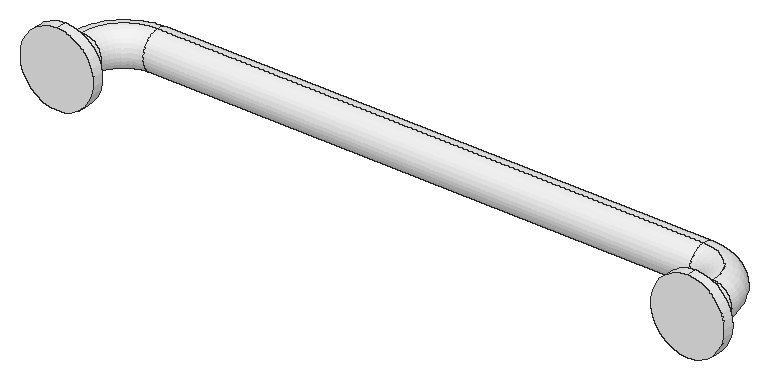
Revit family
Parameters (values of type "2D Disabled Toilet")
  Material SanitaryWare = Metal - White powder coated
  Assembly Code = ""
Reference planes
  plane 1 "Center (Front/Back)": y = 0
  plane 2: z = 0
  plane 3: x = -855.796
  plane 4: through (0, 227.13, 594.133) normal (0, 0.6428, 0.766)
  plane 5: z = 680
  plane 6: y = 100
  plane 7: y = 10
Forms (mm)
  Sweep 1, solid, material "Metal - White powder coated" <- "Material SanitaryWare"
    path origin (-234.062, -422.744, 680) x (0, -1, 0) y (1, 0, 0)
      loop
        line (-432.744, -321.734) -> (-452.744, -321.734)
        arc (-452.744, -321.734) -> (-481.028, -333.449) -> (-492.744, -361.734) r 40
        line (-492.744, -361.734) -> (-492.744, -881.734)
        arc (-492.744, -881.734) -> (-481.028, -910.018) -> (-452.744, -921.734) r 40
        line (-452.744, -921.734) -> (-432.744, -921.734)
    profile origin (-555.796, 20, 680) x (-1, 0, 0) y (0, 0, 1)
      loop
        circle (0, 0) r 18
  Extrusion 2, solid, material "Metal - White powder coated" <- "Material SanitaryWare"
    sketch origin (-1955.796, 0, -175.796) x (0, 0, -1) y (1, 0, 0)
      loop
        circle (-855.796, 1400) r 35
      loop
        circle (-855.796, 800) r 35
    from 0 to -10
Dimensions and locks
  plane 1 "Center (Front/Back)" to plane 7 to plane 6 = 10 mm locked, 90 mm locked
  aligned and locked: Extrusion 2 to Sweep 1
  aligned and locked: plane 1 "Center (Front/Back)" to Extrusion 2
